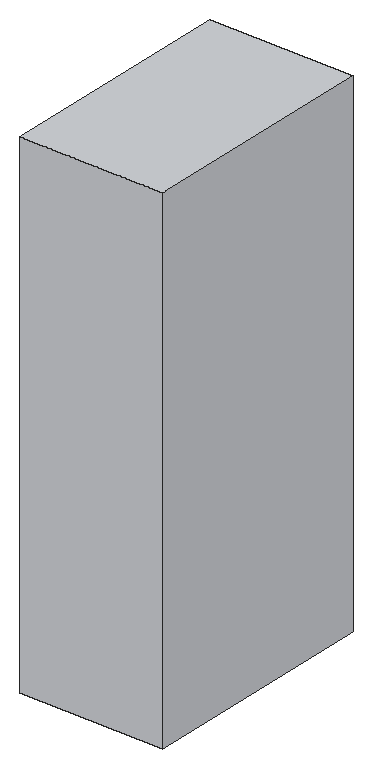
Revit family "第二期車站07_RTU機櫃_600x1000x2100", category 電氣設備, Revit 2025
Family settings
  面板規劃 = 兩欄，回路穿越
  圓形接點標註 = 使用直徑
  組件類型 = 分電盤
  OmniClass 編號 = 23.80.30.11.17
  OmniClass 標題 = Distribution Boards and Control Panels
  以工作平面為基礎 = 否
  總是垂直 = 是
  載入時使用空心切割 = 否
  維持標註方位 = 否
  共用 = 否
  房間計算點 = 否
Parameters (values of type "RTU 與網路機櫃")
  built-in parameter 1155100 [instance] = -1
  Default Elevation = 0 mm
  built-in parameter 1140142 [instance] = -1
  SCADA_高mm [instance] = "2100"
  SCADA_附錄F項次 [instance] = "25"
  SCADA_附錄D項次 [instance] = "16"
  SCADA_編號 [instance] = "P2S07-COMS-RTU-01"
  SCADA_站點 [instance] = "車站 7"
  SCADA_深mm [instance] = "1000"
  SCADA_機櫃類型 [instance] = "RTU 與網路機櫃"
  SCADA_期別 [instance] = "第二期"
  SCADA_房間 [instance] = "COMS/SCADA 設備室"
  SCADA_建物 [instance] = "車站"
  SCADA_尺寸 [instance] = "600W×1000D×2100H"
  SCADA_寬mm [instance] = "600"
  SCADA_定位來源 [instance] = "獨立設備族群（載入專案後定位）"
  SCADA_備註 [instance] = ""
  SCADA_來源文件 [instance] = "Installation SoW_V6（Rev.006, 2026-07-02）附錄 D / F；依原文顏色標示排除已刪除項目"
  SCADA_UPS電源110V [instance] = "雙 UPS 電源（2×4500VA）"
  built-in parameter 1140140 [instance] = 1 (stored number, unit not read)
Reference planes
  plane 1 "中心 (前/後)": y = 0
  plane 2: z = 0
  plane 3 "中心 (左/右)": x = 0
Forms (mm)
  Extrusion 1, solid
    sketch origin (0, 0, 0) x (1, 0, 0) y (0, 1, 0)
      loop
        line (-300, -500) -> (300, -500) -> (300, 500) -> (-300, 500) -> (-300, -500)
    from 0 to 2100
Lines and regions (mm)
  model lines, style "開門線"
    curve 1: line (300, -500, 0) -> (300, -1100, 0)
    curve 2: arc (-300, -500, 0) -> (-124.264, -924.264, 0) -> (300, -1100, 0) r 600
    curve 3: line (-300, 500, 0) -> (-300, 1100, 0)
    curve 4: arc (300, 500, 0) -> (124.264, 924.264, 0) -> (-300, 1100, 0) r 600
Dimensions and locks
  aligned and locked: level to plane 2
